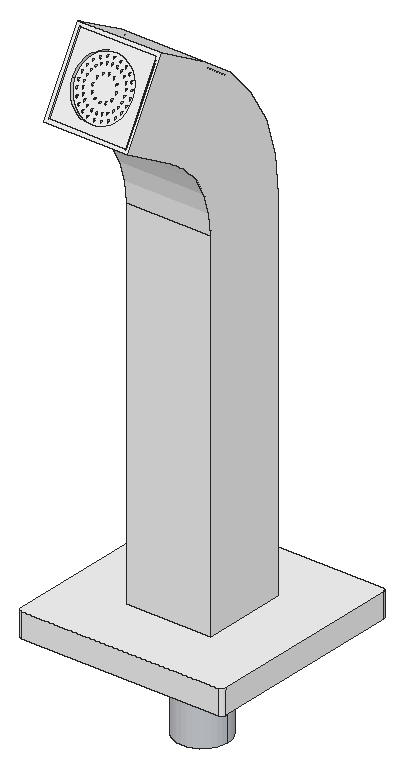
Revit family "Reece_Tap_Mizu_Bloc_Bath Outlet_160 mm", category Plumbing Fixtures, host Face, Revit 2018
Family settings
  Host = Face
  Round Connector Dimension = Use Diameter
  Part Type = Normal
  Cut with Voids When Loaded = No
  Shared = Yes
  Room Calculation Point = Yes
Parameters (values of type "Chrome")
  WFU = 0  # constant formula
  URL = "https://www.reece.com.au/product/-9503476"
  Type Comments = "Tap"
  Reece_Tap_Reach = 160 mm  # constant formula
  Reece_Tap_Inlet = 12.5 mm  # constant formula
  Reece_Product_Web Page = "https://www.reece.com.au/product/-9503476"
  Reece_Product_Type = "Tap"  # constant formula
  Reece_Product_Sub Brand = "Bloc"  # constant formula
  Reece_Product_Number = "9503476"
  Reece_Product_Mount = "Wall Mounted"
  Reece_Product_Description = "Mizu Bloc Bath Outlet 160mm Chrome"
  Reece_Product_Brand = "Mizu"  # constant formula
  Reece_Overall_Width = 61 mm  # constant formula
  Reece_Material-Main = Reece_Brass_Chrome
  Reece_Detail_Installation = ""
  Reece_Detail_Disclaimer = "THIS FILE IS THE PROPERTY OF THE REECE GROUP. IT MAY NOT BE REPRODUCED, REVERSE-ENGINEERED OR MODIFIED. ANY REPUBLICATION, TRANSMISSION OR DISTRIBUTION FOR THE PURPOSE OF COMMERCIALLY EXPLOITING THE FILES IS PROHIBITED."  # constant formula
  Reece_Detail_Connector = ""
  Reece_Detail_Additional = "Bath Outlet"  # constant formula
  Model = "Bloc"
  Manufacturer = "Mizu"
  Keynote = "Product #9503476, Reece_Tap_Mizu_Bloc_Bath Outlet_160 mm - Chrome"
  HWFU = 0  # constant formula
  Disclaimer = "THIS FILE IS THE PROPERTY OF THE REECE GROUP. IT MAY NOT BE REPRODUCED, REVERSE-ENGINEERED OR MODIFIED. ANY REPUBLICATION, TRANSMISSION OR DISTRIBUTION FOR THE PURPOSE OF COMMERCIALLY EXPLOITING THE FILES IS PROHIBITED."  # constant formula
  Description = "Mizu Bloc Bath Outlet 160mm Chrome"
  Default Elevation = 1000 mm
  CWFU = 0  # constant formula
Types (2, lengths in mm): name | Keynote
  (no name) | "Product #9503476, Reece_Tap_Mizu_Bloc_Bath Outlet_160 mm -  "
  Chrome | "Product #9503476, Reece_Tap_Mizu_Bloc_Bath Outlet_160 mm - Chrome"
Reference planes
  plane 1 "Center (Front/Back)": y = 0
  plane 2 "Bottom": z = 0
  plane 3 "Center (Left/Right)": x = 0
  plane 4 "Top": z = 160
  plane 5: x = -30.5
  plane 6: x = 30.5
  plane 7: y = 30.5
  plane 8: y = -30.5
  plane 9: z = 7.2
  plane 10: y = -37
  plane 11: y = 12.5
  plane 12: y = -12.5
  plane 13: x = -12.5
  plane 14: x = 12.5
  plane 15: through (0, -21.439, 150.915) normal (0, 0.496, 0.8683)
Forms (mm)
  Extrusion 1, solid, material "Reece_Brass_Chrome" <- "Reece_Material-Main"
    sketch origin (0, 0, 0) x (1, 0, 0) y (0, 1, 0)
      loop
        line (29.3, 30.5) -> (-29.3, 30.5)
        arc (-29.3, 30.5) -> (-30.149, 30.149) -> (-30.5, 29.3) r 1.2
        line (-30.5, 29.3) -> (-30.5, -29.3)
        arc (-30.5, -29.3) -> (-30.149, -30.149) -> (-29.3, -30.5) r 1.2
        line (-29.3, -30.5) -> (29.3, -30.5)
        arc (29.3, -30.5) -> (30.149, -30.149) -> (30.5, -29.3) r 1.2
        line (30.5, -29.3) -> (30.5, 29.3)
        arc (30.5, 29.3) -> (30.149, 30.149) -> (29.3, 30.5) r 1.2
    from 0 to 7.2
  Sweep 2, solid, material "Reece_Brass_Chrome" <- "Reece_Material-Main"
    path origin (0, 0, 0) x (0, 1, 0) y (0, 0, 1)
      loop
        line (0, 0) -> (0, 114.152)
        arc (0, 114.152) -> (-5.587, 135.131) -> (-20.868, 150.554) r 42.184
        line (-20.868, 150.554) -> (-37, 160)
    profile origin (0, 0, 57.076) x (0, -1, 0) y (1, 0, 0)
      loop
        line (-12.5, -12.5) -> (12.5, -12.5) -> (12.5, 12.5) -> (-12.5, 12.5) -> (-12.5, -12.5)
      loop
        line (-11.5, -11.5) -> (11.5, -11.5) -> (11.5, 11.5) -> (-11.5, 11.5) -> (-11.5, -11.5)
  Extrusion 3, void
    sketch origin (0, 0, 0) x (1, 0, 0) y (0, 1, 0)
      loop
        circle (0, 0) r 20
    from 7.2 to -15.87
  Extrusion 4, void
    sketch origin (0, 0, 0) x (1, 0, 0) y (0, 1, 0)
      loop
        line (10.5, 10.5) -> (-10.5, 10.5) -> (-10.5, -10.5) -> (10.5, -10.5) -> (10.5, 10.5)
    from -7.819 to 6.228
  Extrusion 5, solid, material "Reece_Brass_Chrome" <- "Reece_Material-Main"
    sketch origin (0, 0, 0) x (0, 1, 0) y (0, 0, 1)
      loop
        line (-31.055, 169.845) -> (-42.677, 149.998) -> (-40.951, 148.987) -> (-29.329, 168.835) -> (-31.055, 169.845)
    from -11.5 to 11.5
  Revolve 6, solid
    sketch origin (100.792, -0.025, -0.807) x (1, 0, 0) y (0, 0, 1)
      loop
        line (-93.216, -27.341) -> (-93.216, -10.2) -> (-91.918, -8.9) -> (-91.918, -4.355) -> (-90.623, -4.355) -> (-90.623, 6.627) -> (-100.792, 6.627) -> (-100.792, -27.341) -> (-93.216, -27.341)
      axis (-100.792, 6.627) -> (-100.792, -27.341)
    angle from 0 to 360
  Extrusion 7, void
    sketch origin (0, 190.525, 100.583) x (1, 0, 0) y (0, 0.495999, 0.868323)
      loop
        circle (0, -57.915) r 0.3
    from 223.944 to 250
  Extrusion 8, void
    sketch origin (0, 129.604, -6.068) x (-1, 0, 0) y (0, -0.495999, -0.868323)
      loop
        circle (0, -57.915) r 0.3
    from 223.944 to 250
  Extrusion 9, void
    sketch origin (30.576, 186.462, 93.47) x (0.866025, -0.247999, -0.434162) y (0.5, 0.429547, 0.75199)
      loop
        circle (0, -57.915) r 0.3
    from 223.944 to 250
  Extrusion 10, void
    sketch origin (53.093, 175.348, 74.014) x (0.5, -0.429547, -0.75199) y (0.866025, 0.247999, 0.434162)
      loop
        circle (0, -57.915) r 0.3
    from 223.944 to 250
  Extrusion 11, void
    sketch origin (61.408, 160.057, 47.243) x (0, -0.495999, -0.868323) y (1, 0, 0)
      loop
        circle (0, -57.915) r 0.3
    from 223.944 to 250
  Extrusion 12, void
    sketch origin (53.101, 144.775, 20.492) x (-0.5, -0.429547, -0.75199) y (0.866025, -0.247999, -0.434162)
      loop
        circle (0, -57.915) r 0.3
    from 223.944 to 250
  Extrusion 13, void
    sketch origin (30.593, 133.663, 1.038) x (-0.866025, -0.247999, -0.434162) y (0.5, -0.429547, -0.75199)
      loop
        circle (0, -57.915) r 0.3
    from 223.944 to 250
  Extrusion 14, void
    sketch origin (-30.576, 186.462, 93.47) x (-0.866025, -0.247999, -0.434162) y (0.5, -0.429547, -0.75199)
      loop
        circle (0, 57.915) r 0.3
    from 223.944 to 250
  Extrusion 15, void
    sketch origin (-53.093, 175.348, 74.014) x (-0.5, -0.429547, -0.75199) y (0.866025, -0.247999, -0.434162)
      loop
        circle (0, 57.915) r 0.3
    from 223.944 to 250
  Extrusion 16, void
    sketch origin (-61.408, 160.057, 47.243) x (0, -0.495999, -0.868323) y (1, 0, 0)
      loop
        circle (0, 57.915) r 0.3
    from 223.944 to 250
  Extrusion 17, void
    sketch origin (-53.101, 144.775, 20.492) x (0.5, -0.429547, -0.75199) y (0.866025, 0.247999, 0.434162)
      loop
        circle (0, 57.915) r 0.3
    from 223.944 to 250
  Extrusion 18, void
    sketch origin (-30.593, 133.663, 1.038) x (0.866025, -0.247999, -0.434162) y (0.5, 0.429547, 0.75199)
      loop
        circle (0, 57.915) r 0.3
    from 223.944 to 250
  Extrusion 19, void
    sketch origin (0, -87.197, -41.852) x (1, 0, 0) y (0, 0.495999, 0.868323)
      loop
        circle (0, 200) r 9
    from 55.54 to 61.58
  Extrusion 20, void
    sketch origin (0, 206.272, 92.954) x (1, 0, 0) y (0, 0.500368, 0.865813)
      loop
        circle (0, -57.834) r 0.3
    from 241.124 to 250
  Extrusion 21, void
    sketch origin (0, 142.391, -17.582) x (-1, 0, 0) y (0, -0.500368, -0.865813)
      loop
        circle (0, -57.834) r 0.3
    from 240.757 to 250
  Extrusion 22, void
    sketch origin (16.521, 205.184, 91.071) x (0.965926, -0.129505, -0.224089) y (0.258819, 0.483319, 0.836311)
      loop
        circle (0, -57.834) r 0.3
    from 241.124 to 250
  Extrusion 23, void
    sketch origin (31.917, 201.993, 85.55) x (0.866025, -0.250184, -0.432906) y (0.5, 0.433332, 0.749816)
      loop
        circle (0, -57.834) r 0.3
    from 241.124 to 250
  Extrusion 24, void
    sketch origin (45.137, 196.917, 76.766) x (0.707107, -0.353814, -0.612222) y (0.707107, 0.353814, 0.612222)
      loop
        circle (0, -57.834) r 0.3
    from 241.124 to 250
  Extrusion 25, void
    sketch origin (55.282, 190.302, 65.32) x (0.5, -0.433332, -0.749816) y (0.866025, 0.250184, 0.432906)
      loop
        circle (0, -57.834) r 0.3
    from 241.124 to 250
  Extrusion 26, void
    sketch origin (61.659, 182.599, 51.99) x (0.258819, -0.483319, -0.836311) y (0.965926, 0.129505, 0.224089)
      loop
        circle (0, -57.834) r 0.3
    from 241.11 to 250
  Extrusion 27, void
    sketch origin (63.834, 174.332, 37.686) x (0, -0.500368, -0.865813) y (1, 0, 0)
      loop
        circle (0, -57.834) r 0.3
    from 241.332 to 250
  Extrusion 28, void
    sketch origin (61.659, 166.065, 23.382) x (-0.258819, -0.483319, -0.836311) y (0.965926, -0.129505, -0.224089)
      loop
        circle (0, -57.834) r 0.3
    from 240.945 to 250
  Extrusion 29, void
    sketch origin (55.282, 158.362, 10.052) x (-0.5, -0.433332, -0.749816) y (0.866025, -0.250184, -0.432906)
      loop
        circle (0, -57.834) r 0.3
    from 240.889 to 250
  Extrusion 30, void
    sketch origin (45.137, 151.747, -1.394) x (-0.707107, -0.353814, -0.612222) y (0.707107, -0.353814, -0.612222)
      loop
        circle (0, -57.834) r 0.3
    from 240.788 to 250
  Extrusion 31, void
    sketch origin (31.917, 146.671, -10.177) x (-0.866025, -0.250184, -0.432906) y (0.5, -0.433332, -0.749816)
      loop
        circle (0, -57.834) r 0.3
    from 240.788 to 250
  Extrusion 32, void
    sketch origin (16.521, 143.48, -15.699) x (-0.965926, -0.129505, -0.224089) y (0.258819, -0.483319, -0.836311)
      loop
        circle (0, -57.834) r 0.3
    from 240.757 to 250
  Extrusion 33, void
    sketch origin (-16.521, 205.184, 91.071) x (-0.965926, -0.129505, -0.224089) y (0.258819, -0.483319, -0.836311)
      loop
        circle (0, 57.834) r 0.3
    from 241.124 to 250
  Extrusion 34, void
    sketch origin (-31.917, 201.993, 85.55) x (-0.866025, -0.250184, -0.432906) y (0.5, -0.433332, -0.749816)
      loop
        circle (0, 57.834) r 0.3
    from 241.124 to 250
  Extrusion 35, void
    sketch origin (-45.137, 196.917, 76.766) x (-0.707107, -0.353814, -0.612222) y (0.707107, -0.353814, -0.612222)
      loop
        circle (0, 57.834) r 0.3
    from 241.124 to 250
  Extrusion 36, void
    sketch origin (-55.282, 190.302, 65.32) x (-0.5, -0.433332, -0.749816) y (0.866025, -0.250184, -0.432906)
      loop
        circle (0, 57.834) r 0.3
    from 241.124 to 250
  Extrusion 37, void
    sketch origin (-61.659, 182.599, 51.99) x (-0.258819, -0.483319, -0.836311) y (0.965926, -0.129505, -0.224089)
      loop
        circle (0, 57.834) r 0.3
    from 241.11 to 250
  Extrusion 38, void
    sketch origin (-63.834, 174.332, 37.686) x (0, -0.500368, -0.865813) y (1, 0, 0)
      loop
        circle (0, 57.834) r 0.3
    from 241.332 to 250
  Extrusion 39, void
    sketch origin (-61.659, 166.065, 23.382) x (0.258819, -0.483319, -0.836311) y (0.965926, 0.129505, 0.224089)
      loop
        circle (0, 57.834) r 0.3
    from 240.945 to 250
  Extrusion 40, void
    sketch origin (-55.282, 158.362, 10.052) x (0.5, -0.433332, -0.749816) y (0.866025, 0.250184, 0.432906)
      loop
        circle (0, 57.834) r 0.3
    from 240.889 to 250
  Extrusion 41, void
    sketch origin (-45.137, 151.747, -1.394) x (0.707107, -0.353814, -0.612222) y (0.707107, 0.353814, 0.612222)
      loop
        circle (0, 57.834) r 0.3
    from 240.788 to 250
  Extrusion 42, void
    sketch origin (-31.917, 146.671, -10.177) x (0.866025, -0.250184, -0.432906) y (0.5, 0.433332, 0.749816)
      loop
        circle (0, 57.834) r 0.3
    from 240.788 to 250
  Extrusion 43, void
    sketch origin (-16.521, 143.48, -15.699) x (0.965926, -0.129505, -0.224089) y (0.258819, 0.483319, 0.836311)
      loop
        circle (0, 57.834) r 0.3
    from 240.757 to 250
  Extrusion 44, void
    sketch origin (16.313, 205.266, 86.365) x (0.965926, -0.132367, -0.22241) y (0.258819, 0.494, 0.830046)
      loop
        circle (0, -55.359) r 0.3
    from 241.124 to 250
  Extrusion 45, void
    sketch origin (31.514, 202.046, 80.954) x (0.866025, -0.255713, -0.429663) y (0.5, 0.442909, 0.744199)
      loop
        circle (0, -55.359) r 0.3
    from 241.124 to 250
  Extrusion 46, void
    sketch origin (44.568, 196.923, 72.346) x (0.707107, -0.361633, -0.607636) y (0.707107, 0.361633, 0.607636)
      loop
        circle (0, -55.359) r 0.3
    from 241.124 to 250
  Extrusion 47, void
    sketch origin (0, 206.364, 88.21) x (-1, 0, 0) y (0, -0.511427, -0.859327)
      loop
        circle (0, 55.359) r 0.3
    from 241.124 to 250
  Extrusion 48, void
    sketch origin (-16.313, 205.266, 86.365) x (-0.965926, -0.132367, -0.22241) y (0.258819, -0.494, -0.830046)
      loop
        circle (0, 55.359) r 0.3
    from 241.124 to 250
  Extrusion 49, void
    sketch origin (-63.028, 174.13, 34.048) x (0, 0.511427, 0.859327) y (-1, 0, 0)
      loop
        circle (0, -55.359) r 0.3
    from 241.124 to 250
  Extrusion 50, void
    sketch origin (-31.514, 202.046, 80.954) x (0.866025, 0.255713, 0.429663) y (-0.5, 0.442909, 0.744199)
      loop
        circle (0, -55.359) r 0.3
    from 241.124 to 250
  Extrusion 51, void
    sketch origin (-60.88, 165.787, 20.03) x (-0.258819, 0.494, 0.830046) y (-0.965926, -0.132367, -0.22241)
      loop
        circle (0, -55.359) r 0.3
    from 241.124 to 250
  Extrusion 52, void
    sketch origin (-60.88, 182.473, 48.066) x (0.258819, 0.494, 0.830046) y (-0.965926, 0.132367, 0.22241)
      loop
        circle (0, -55.359) r 0.3
    from 241.124 to 250
  Extrusion 53, void
    sketch origin (-54.584, 190.247, 61.129) x (0.5, 0.442909, 0.744199) y (-0.866025, 0.255713, 0.429663)
      loop
        circle (0, -55.359) r 0.3
    from 241.124 to 250
  Extrusion 54, void
    sketch origin (-44.568, 196.923, 72.346) x (0.707107, 0.361633, 0.607636) y (-0.707107, 0.361633, 0.607636)
      loop
        circle (0, -55.359) r 0.3
    from 241.124 to 250
  Extrusion 55, void
    sketch origin (-44.568, 151.337, -4.25) x (-0.707107, 0.361633, 0.607636) y (-0.707107, -0.361633, -0.607636)
      loop
        circle (0, -55.359) r 0.3
    from 241.124 to 250
  Extrusion 56, void
    sketch origin (54.584, 190.247, 61.129) x (0.5, -0.442909, -0.744199) y (0.866025, 0.255713, 0.429663)
      loop
        circle (0, -55.359) r 0.3
    from 241.124 to 250
  Extrusion 57, void
    sketch origin (-54.584, 158.013, 6.967) x (-0.5, 0.442909, 0.744199) y (-0.866025, -0.255713, -0.429663)
      loop
        circle (0, -55.359) r 0.3
    from 241.124 to 250
  Extrusion 58, void
    sketch origin (60.88, 182.473, 48.066) x (0.258819, -0.494, -0.830046) y (0.965926, 0.132367, 0.22241)
      loop
        circle (0, -55.359) r 0.3
    from 241.124 to 250
  Extrusion 59, void
    sketch origin (63.028, 174.13, 34.048) x (0, -0.511427, -0.859327) y (1, 0, 0)
      loop
        circle (0, -55.359) r 0.3
    from 241.124 to 250
  Extrusion 60, void
    sketch origin (60.88, 165.787, 20.03) x (-0.258819, -0.494, -0.830046) y (0.965926, -0.132367, -0.22241)
      loop
        circle (0, -55.359) r 0.3
    from 241.124 to 250
  Extrusion 61, void
    sketch origin (54.584, 158.013, 6.967) x (-0.5, -0.442909, -0.744199) y (0.866025, -0.255713, -0.429663)
      loop
        circle (0, -55.359) r 0.3
    from 241.124 to 250
  Extrusion 62, void
    sketch origin (44.568, 151.337, -4.25) x (-0.707107, -0.361633, -0.607636) y (0.707107, -0.361633, -0.607636)
      loop
        circle (0, -55.359) r 0.3
    from 241.124 to 250
  Extrusion 63, void
    sketch origin (31.514, 146.214, -12.857) x (-0.866025, -0.255713, -0.429663) y (0.5, -0.442909, -0.744199)
      loop
        circle (0, -55.359) r 0.3
    from 241.124 to 250
  Extrusion 64, void
    sketch origin (16.313, 142.994, -18.268) x (-0.965926, -0.132367, -0.22241) y (0.258819, -0.494, -0.830046)
      loop
        circle (0, -55.359) r 0.3
    from 241.124 to 250
  Extrusion 65, void
    sketch origin (0, 141.896, -20.113) x (-1, 0, 0) y (0, -0.511427, -0.859327)
      loop
        circle (0, -55.359) r 0.3
    from 241.124 to 250
  Extrusion 66, void
    sketch origin (-16.313, 142.994, -18.268) x (-0.965926, 0.132367, 0.22241) y (-0.258819, -0.494, -0.830046)
      loop
        circle (0, -55.359) r 0.3
    from 241.124 to 250
  Extrusion 67, void
    sketch origin (-31.514, 146.214, -12.857) x (-0.866025, 0.255713, 0.429663) y (-0.5, -0.442909, -0.744199)
      loop
        circle (0, -55.359) r 0.3
    from 241.124 to 250
Cuts and joins
  Extrusion 4 cuts Extrusion 1
  Extrusion 48 cuts Sweep 2
  joined: Extrusion 1, Sweep 2
  Extrusion 7, Extrusion 8, Extrusion 9, Extrusion 10, Extrusion 11, Extrusion 12, Extrusion 13, Extrusion 14, Extrusion 15, Extrusion 16, Extrusion 17, Extrusion 18, Extrusion 19, Extrusion 20, Extrusion 21, Extrusion 22, Extrusion 23, Extrusion 24, Extrusion 25, Extrusion 26, Extrusion 27, Extrusion 28, Extrusion 29, Extrusion 30, Extrusion 31, Extrusion 32, Extrusion 33, Extrusion 34, Extrusion 35, Extrusion 36, Extrusion 37, Extrusion 38, Extrusion 39, Extrusion 40, Extrusion 41, Extrusion 42, Extrusion 43, Extrusion 44, Extrusion 45, Extrusion 46, Extrusion 47, Extrusion 48, Extrusion 49, Extrusion 50, Extrusion 51, Extrusion 52, Extrusion 53, Extrusion 54, Extrusion 55, Extrusion 56, Extrusion 57, Extrusion 58, Extrusion 59, Extrusion 60, Extrusion 61, Extrusion 62, Extrusion 63, Extrusion 64, Extrusion 65, Extrusion 66, Extrusion 67 cuts Extrusion 5
Text (mm)
  text "Reece Copyright © 2018, Reece Ltd." at (12.443, -188.077, 0), in view "Ref. Level"
  text "Reece ©" at (44.384, 258.95, 192.345), in view "Reece Preview"
Dimensions and locks
  "Reece_Overall_Width": plane 5 to plane 6
  plane 7 to plane 8 = 61 mm  (x2)
  plane 1 "Center (Front/Back)" to plane 10 = 37 mm
  plane 6 to plane 5 = 61 mm
  plane 14 to plane 13 = 25 mm
  plane 4 "Top" to plane 2 "Bottom" = 160 mm
  plane 9 to plane 2 "Bottom" = 7.2 mm  (x2)
  plane 2 "Bottom" to plane 4 "Top" = 160 mm
  plane 2 "Bottom" to plane 9 = 7.2 mm
  plane 11 to plane 12 = 25 mm
  plane 10 to plane 1 "Center (Front/Back)" = 37 mm
  "Reece_Tap_Reach": plane 4 "Top" to plane 2 "Bottom"
  plane 8 to plane 7 = 61 mm
  plane 12 to plane 11 = 25 mm
  plane 5 to plane 6 = 61 mm
  plane 13 to plane 14 = 25 mm
  aligned and locked: plane 2 "Bottom" to host face
  aligned and locked: level to host face
  aligned and locked: plane 9 to Extrusion 1
Automatic sketch dimensions
  host sketch curve to host sketch curve = 380.785 mm
  host sketch curve to host sketch curve = 317.421 mm
  Extrusion 1 sketch curve to plane 5 = 0 mm
  plane 8 to Extrusion 1 sketch curve = 0 mm
  Extrusion 1 sketch curve to plane 7 = 0 mm
  Extrusion 1 sketch curve to plane 6 = 0 mm
  Extrusion 1 sketch curve to plane 5 = 1.2 mm  (x2)
  Extrusion 1 sketch curve to Extrusion 1 sketch curve = 1.2 mm
  Extrusion 1 sketch curve to plane 6 = 1.2 mm
  Sweep 2 sketch curve to plane 4 "Top" = 0 mm
  Sweep 2 sketch curve to plane 10 = 0 mm
  Sweep 2 sketch curve to plane 1 "Center (Front/Back)" = 0 mm
  level to Sweep 2 sketch curve = 0 mm
  Sweep 2 sketch curve to plane 10 = 5.184 mm
  Sweep 2 sketch curve to plane 12 = 8.368 mm
  Sweep 2 sketch curve to plane 4 "Top" = 45.848 mm
  profile plane to Sweep 2 sketch curve = 12.5 mm
  Sweep 2 sketch curve to Sweep 2 sketch curve = 1 mm  (x4)
  Sweep 2 sketch curve to profile plane = 11.5 mm
  Sweep 2 sketch curve to plane 3 "Center (Left/Right)" = 12.5 mm
  plane 3 "Center (Left/Right)" to Sweep 2 sketch curve = 11.5 mm
  Extrusion 4 sketch curve to plane 13 = 2 mm
  Extrusion 4 sketch curve to plane 14 = 2 mm
  plane 12 to Extrusion 4 sketch curve = 2 mm
  plane 11 to Extrusion 4 sketch curve = 2 mm
  Extrusion 5 sketch curve to plane 10 = 5.677 mm
  Extrusion 5 sketch curve to Extrusion 5 sketch curve = 1.726 mm
  plane 8 to Extrusion 5 sketch curve = 0.555 mm
  Extrusion 5 sketch curve to plane 4 "Top" = 11.013 mm
  Extrusion 5 sketch curve to Extrusion 5 sketch curve = 1.011 mm
  Revolve 6 sketch curve to plane 3 "Center (Left/Right)" = 0 mm  (x2)
  Revolve 6 sketch curve to plane 14 = 4.924 mm
  Revolve 6 sketch curve to plane 14 = 3.626 mm
  Revolve 6 sketch curve to plane 14 = 2.331 mm
  Revolve 6 sketch curve to Revolve 6 sketch curve = 1.295 mm
  Revolve 6 sketch curve to level = 28.149 mm
  Revolve 6 sketch curve to level = 11.007 mm
  Revolve 6 sketch curve to Revolve 6 sketch curve = 1.3 mm
  Revolve 6 sketch curve to Revolve 6 sketch curve = 4.545 mm
  Revolve 6 sketch curve to plane 9 = 1.38 mm
  Revolve 6 sketch curve to Revolve 6 sketch curve = 11.547 mm
  plane 9 to Revolve 6 sketch curve = 21.784 mm
  Extrusion 7 sketch curve to plane 3 "Center (Left/Right)" = 0 mm
  plane 15 to Extrusion 7 sketch curve = 3.514 mm
  Extrusion 8 sketch curve to plane 3 "Center (Left/Right)" = 0 mm
  Extrusion 8 sketch curve to plane 15 = 3.48 mm
  plane 3 "Center (Left/Right)" to Extrusion 9 sketch curve = 1.619 mm
  plane 15 to Extrusion 9 sketch curve = 3.081 mm
  plane 15 to Extrusion 10 sketch curve = 1.874 mm
  plane 3 "Center (Left/Right)" to Extrusion 10 sketch curve = 2.937 mm
  plane 15 to Extrusion 11 sketch curve = 0.001 mm
  plane 3 "Center (Left/Right)" to Extrusion 11 sketch curve = 3.493 mm
  Extrusion 12 sketch curve to plane 15 = 1.85 mm
  plane 3 "Center (Left/Right)" to Extrusion 12 sketch curve = 2.945 mm
  plane 3 "Center (Left/Right)" to Extrusion 13 sketch curve = 1.635 mm
  Extrusion 13 sketch curve to plane 15 = 3.056 mm
  Extrusion 14 sketch curve to plane 3 "Center (Left/Right)" = 1.619 mm
  plane 15 to Extrusion 14 sketch curve = 3.081 mm
  plane 15 to Extrusion 15 sketch curve = 1.874 mm
  Extrusion 15 sketch curve to plane 3 "Center (Left/Right)" = 2.937 mm
  plane 15 to Extrusion 16 sketch curve = 0.001 mm
  Extrusion 16 sketch curve to plane 3 "Center (Left/Right)" = 3.493 mm
  Extrusion 17 sketch curve to plane 15 = 1.85 mm
  Extrusion 17 sketch curve to plane 3 "Center (Left/Right)" = 2.945 mm
  Extrusion 18 sketch curve to plane 3 "Center (Left/Right)" = 1.635 mm
  Extrusion 18 sketch curve to plane 15 = 3.056 mm
  Extrusion 19 sketch curve to plane 3 "Center (Left/Right)" = 0 mm
  Extrusion 19 sketch curve to plane 15 = 0 mm
  Extrusion 20 sketch curve to plane 3 "Center (Left/Right)" = 0 mm
  Extrusion 21 sketch curve to plane 3 "Center (Left/Right)" = 0 mm
  plane 3 "Center (Left/Right)" to Extrusion 22 sketch curve = 1.553 mm
  plane 3 "Center (Left/Right)" to Extrusion 23 sketch curve = 3 mm
  plane 3 "Center (Left/Right)" to Extrusion 24 sketch curve = 4.243 mm
  plane 3 "Center (Left/Right)" to Extrusion 25 sketch curve = 5.196 mm
  plane 3 "Center (Left/Right)" to Extrusion 26 sketch curve = 5.796 mm
  plane 3 "Center (Left/Right)" to Extrusion 27 sketch curve = 6 mm
  plane 3 "Center (Left/Right)" to Extrusion 28 sketch curve = 5.796 mm
  plane 3 "Center (Left/Right)" to Extrusion 29 sketch curve = 5.196 mm
  plane 3 "Center (Left/Right)" to Extrusion 30 sketch curve = 4.243 mm
  plane 3 "Center (Left/Right)" to Extrusion 31 sketch curve = 3 mm
  plane 3 "Center (Left/Right)" to Extrusion 32 sketch curve = 1.553 mm
  Extrusion 33 sketch curve to plane 3 "Center (Left/Right)" = 1.553 mm
  Extrusion 34 sketch curve to plane 3 "Center (Left/Right)" = 3 mm
  Extrusion 35 sketch curve to plane 3 "Center (Left/Right)" = 4.243 mm
  Extrusion 36 sketch curve to plane 3 "Center (Left/Right)" = 5.196 mm
  Extrusion 37 sketch curve to plane 3 "Center (Left/Right)" = 5.796 mm
  Extrusion 38 sketch curve to plane 3 "Center (Left/Right)" = 6 mm
  Extrusion 39 sketch curve to plane 3 "Center (Left/Right)" = 5.796 mm
  Extrusion 40 sketch curve to plane 3 "Center (Left/Right)" = 5.196 mm
  Extrusion 41 sketch curve to plane 3 "Center (Left/Right)" = 4.243 mm
  Extrusion 42 sketch curve to plane 3 "Center (Left/Right)" = 3 mm
  Extrusion 43 sketch curve to plane 3 "Center (Left/Right)" = 1.553 mm
  plane 3 "Center (Left/Right)" to Extrusion 44 sketch curve = 1.985 mm
  plane 3 "Center (Left/Right)" to Extrusion 45 sketch curve = 3.835 mm
  plane 3 "Center (Left/Right)" to Extrusion 46 sketch curve = 5.423 mm
  Extrusion 47 sketch curve to plane 3 "Center (Left/Right)" = 0 mm
  Extrusion 48 sketch curve to plane 3 "Center (Left/Right)" = 1.985 mm
  Extrusion 49 sketch curve to plane 13 = 4.831 mm
  Extrusion 50 sketch curve to plane 3 "Center (Left/Right)" = 3.835 mm
  Extrusion 51 sketch curve to plane 13 = 5.092 mm
  Extrusion 52 sketch curve to plane 13 = 5.092 mm
  Extrusion 53 sketch curve to plane 13 = 5.858 mm
  Extrusion 54 sketch curve to plane 3 "Center (Left/Right)" = 5.423 mm
  Extrusion 55 sketch curve to plane 3 "Center (Left/Right)" = 5.423 mm
  Extrusion 56 sketch curve to plane 14 = 5.858 mm
  Extrusion 57 sketch curve to plane 13 = 5.858 mm
  Extrusion 58 sketch curve to plane 14 = 5.092 mm
  Extrusion 59 sketch curve to plane 14 = 4.831 mm
  Extrusion 60 sketch curve to plane 14 = 5.092 mm
  Extrusion 61 sketch curve to plane 14 = 5.858 mm
  plane 3 "Center (Left/Right)" to Extrusion 62 sketch curve = 5.423 mm
  plane 3 "Center (Left/Right)" to Extrusion 63 sketch curve = 3.835 mm
  plane 3 "Center (Left/Right)" to Extrusion 64 sketch curve = 1.985 mm
  Extrusion 65 sketch curve to plane 3 "Center (Left/Right)" = 0 mm
  Extrusion 66 sketch curve to plane 3 "Center (Left/Right)" = 1.985 mm
  Extrusion 67 sketch curve to plane 3 "Center (Left/Right)" = 3.835 mm
  plane 1 "Center (Front/Back)" to Extrusion 3 sketch curve = 0 mm
  Extrusion 3 sketch curve to plane 3 "Center (Left/Right)" = 0 mm
  radius of Extrusion 7 sketch curve = 0.3 mm
  radius of Extrusion 8 sketch curve = 0.3 mm
  radius of Extrusion 9 sketch curve = 0.3 mm
  radius of Extrusion 10 sketch curve = 0.3 mm
  radius of Extrusion 11 sketch curve = 0.3 mm
  radius of Extrusion 12 sketch curve = 0.3 mm
  radius of Extrusion 13 sketch curve = 0.3 mm
  radius of Extrusion 14 sketch curve = 0.3 mm
  radius of Extrusion 15 sketch curve = 0.3 mm
  radius of Extrusion 16 sketch curve = 0.3 mm
  radius of Extrusion 17 sketch curve = 0.3 mm
  radius of Extrusion 18 sketch curve = 0.3 mm
  radius of Extrusion 19 sketch curve = 9 mm
  radius of Extrusion 20 sketch curve = 0.3 mm
  radius of Extrusion 21 sketch curve = 0.3 mm
  radius of Extrusion 22 sketch curve = 0.3 mm
  radius of Extrusion 23 sketch curve = 0.3 mm
  radius of Extrusion 24 sketch curve = 0.3 mm
  radius of Extrusion 25 sketch curve = 0.3 mm
  radius of Extrusion 26 sketch curve = 0.3 mm
  radius of Extrusion 27 sketch curve = 0.3 mm
  radius of Extrusion 28 sketch curve = 0.3 mm
  radius of Extrusion 29 sketch curve = 0.3 mm
  radius of Extrusion 30 sketch curve = 0.3 mm
  radius of Extrusion 31 sketch curve = 0.3 mm
  radius of Extrusion 32 sketch curve = 0.3 mm
  radius of Extrusion 33 sketch curve = 0.3 mm
  radius of Extrusion 34 sketch curve = 0.3 mm
  radius of Extrusion 35 sketch curve = 0.3 mm
  radius of Extrusion 36 sketch curve = 0.3 mm
  radius of Extrusion 37 sketch curve = 0.3 mm
  radius of Extrusion 38 sketch curve = 0.3 mm
  radius of Extrusion 39 sketch curve = 0.3 mm
  radius of Extrusion 40 sketch curve = 0.3 mm
  radius of Extrusion 41 sketch curve = 0.3 mm
  radius of Extrusion 42 sketch curve = 0.3 mm
  radius of Extrusion 43 sketch curve = 0.3 mm
  radius of Extrusion 44 sketch curve = 0.3 mm
  radius of Extrusion 45 sketch curve = 0.3 mm
  radius of Extrusion 46 sketch curve = 0.3 mm
  radius of Extrusion 47 sketch curve = 0.3 mm
  radius of Extrusion 48 sketch curve = 0.3 mm
  radius of Extrusion 49 sketch curve = 0.3 mm
  radius of Extrusion 50 sketch curve = 0.3 mm
  radius of Extrusion 51 sketch curve = 0.3 mm
  radius of Extrusion 52 sketch curve = 0.3 mm
  radius of Extrusion 53 sketch curve = 0.3 mm
  radius of Extrusion 54 sketch curve = 0.3 mm
  radius of Extrusion 55 sketch curve = 0.3 mm
  radius of Extrusion 56 sketch curve = 0.3 mm
  radius of Extrusion 57 sketch curve = 0.3 mm
  radius of Extrusion 58 sketch curve = 0.3 mm
  radius of Extrusion 59 sketch curve = 0.3 mm
  radius of Extrusion 60 sketch curve = 0.3 mm
  radius of Extrusion 61 sketch curve = 0.3 mm
  radius of Extrusion 62 sketch curve = 0.3 mm
  radius of Extrusion 63 sketch curve = 0.3 mm
  radius of Extrusion 64 sketch curve = 0.3 mm
  radius of Extrusion 65 sketch curve = 0.3 mm
  radius of Extrusion 66 sketch curve = 0.3 mm
  radius of Extrusion 67 sketch curve = 0.3 mm
  radius of Extrusion 3 sketch curve = 20 mm
Connectors
  piping at (0, -0.025, 5.82), diameter 12.5, driven by "Reece_Tap_Inlet"
    settings: on Revolve 6, index 1, connector inside diameter 609.6 mm, connector length 0 mm, flow factor 0, pipe flow 0.0 L/s, pressure drop 0.0 Pa, fitting loss kfactor 0, connector angle 0.00°, fixture units 0, engagement length 0 mm, angle of deflection 0.00°, flow configuration 0, flow direction 1, fitting loss method 0, system type 29, joint type 0, gender type 0, connector reference index -1, connector utility 0, adjustable connector no, is connector primary yes, connector description ""
